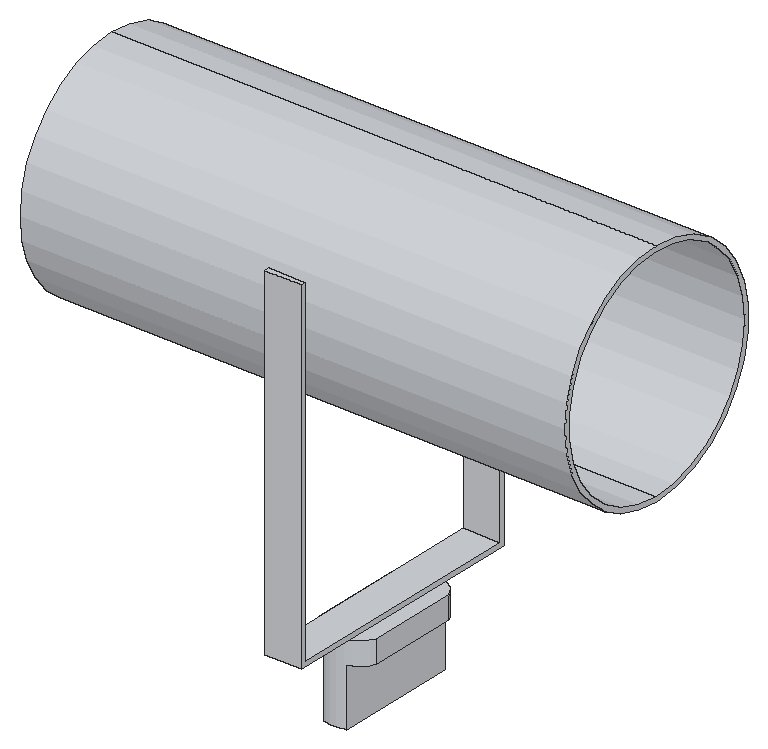
Revit family "EURS_63_LF_FB_ST321T", category Lighting Fixtures, host Face, Revit 2018
Family settings
  Host = Face
  Round Connector Dimension = Use Diameter
  Part Type = Normal
  Cut with Voids When Loaded = No
  Light Source = No
  Shared = No
  Room Calculation Point = No
Parameters (values of type "Type catalog")
  Width = 30 mm
  Voltage (V) = 230 V
  Visibility 2D symbol [instance] = no
  Visibility 2D outline round [instance] = not(Visibility 2D outline rectangle)  # no
  Visibility 2D outline rectangle [instance] = yes
  Suspension height = 100 mm
  Rotation XZ [instance] = 0.00°
  Rotation XY [instance] = 0.00°
  Product catalog - URL = "MODEL WEBPAGE"
  Order code = "ORDER CODE"
  Light source = 2 mm
  Length = 30 mm
  Last IES update = "DATE"
  Lamp type = ST321T IES Data : 1 xLED17S_827 HMB
  Height = 100 mm
  Fixture code = "FIXTURE CODE"
  ETIM code URL = "ETIM CODE WEBPAGE"
  ETIM code = "MODEL ETIM CODE"
  Wattage Comments = ""
  URL = "http://www.lighting.philips.com/main/home"
  Type Comments = "Pendant"
  Model = "MODEL NUMBER"
  Manufacturer = "Philips"
  Light loss factor = ""
  Lamp = "LAMP NAME"
  Initial luminous flux (lm) = ""
  Init. Corr. Color Temperature (K) = ""
  EOC = "EOC CODE"
  Description = "MODEL NAME"
  Default Elevation = 0 mm
  Content version = "1.0"
  Content modified date = "DATE"
  Content creation date = "DATE"
  Content Creator = "https://www.cadac.com/bimcontent"
  Constraint XZ [instance] = if(Rotation XZ < 0.00°, 0.00°, if(Rotation XZ > 120.00°, 120.00°, Rotation XZ))  # 0.00°
  Constraint XY [instance] = if(Rotation XY < 0.00°, 0.00°, if(Rotation XY > 350.00°, 350.00°, Rotation XY))  # 0.00°
  Ceiling thickness = 12.5 mm
  BIM Library - URL = "http://www.lighting.philips.com/main/support/support/revit-library#page=1"
  Assembly Code = ""
  Armatuurcode [instance] = ""
  Apparent Load = 0 VA
  12NC = "12NC CODE"
Reference planes
  plane 1 "Center (Front/Back)": y = 0
  plane 2: z = 0
  plane 3 "Center (Left/Right)": x = 0
  plane 4 "Cadac Group AEC": y = 0
  plane 5: z = 12.5
  plane 6 "left": x = -15
  plane 7 "right": x = 15
  plane 8 "back": y = 15
  plane 9 "front": y = -15
  plane 10: z = -12.5
  plane 11: z = -12.5
  plane 12: z = 202
  plane 13: z = 100
  plane 14: z = 200
Dimensions and locks
  equal spacing: plane 8 "back", plane 1 "Center (Front/Back)", plane 9 "front"
  equal spacing: plane 6 "left", plane 3 "Center (Left/Right)", plane 7 "right"
  "Width": plane 6 "left" to plane 7 "right"
  "Length": plane 9 "front" to plane 8 "back"
  "Ceiling thickness": plane 11 to host face
  "Light source": plane 14 to plane 12
  "Height": plane 13 to plane 14
  "Suspension height": host face to plane 13
  aligned and locked: plane 2 to host face
  aligned and locked: level to host face
  aligned and locked: plane 4 "Cadac Group AEC" to plane 1 "Center (Front/Back)"
  aligned and locked: host face to plane 10
  aligned and locked: nested 4 to plane 3 "Center (Left/Right)"
  aligned and locked: plane 1 "Center (Front/Back)" to nested 4
  aligned and locked: plane 3 "Center (Left/Right)" to nested 7
  aligned and locked: plane 1 "Center (Front/Back)" to nested 7
Automatic sketch dimensions
  host sketch curve to host sketch curve = 700 mm  (x2)
Nested families
  nested 1: "2D-PL-Rond" at (0, 0, 0), visible <- "Visibility 2D outline round", Diameters <- "Length", type "2D symbool"
    with Diameters 30 mm
  nested 2: "2D-PL-Rechthoekig" at (0, 0, 0), Width <- "Width", lengte <- "Length", visible <- "Visibility 2D outline rectangle", type "2D symbool"
    with lengte 30 mm, Width 30 mm
  nested 3: "63_PHILIPS_Template_Track mount" at (0, 0, 0), type "Type catalog"
    with Visibility 2D symbol yes, Visibility 2D outline no, Visibility 2D driver no, Armatuurcode ""
  nested 4: "combined" at (0, 0, 143), rotatie 1 <- "Constraint XY", rotatie 2 <- "Constraint XZ", type "combined"
    with rotatie 2 0.00°, rotatie 1 0.00°
  nested 5: "Generic model rotatie front" at (0, 0, 143), type "Generic model rotatie front"
    with rotatie 2 0.00°
  nested 6: "Generic model sweep" at (0, 0, 143) x (1, 0, 0) z (0, -1, 0), type "Generic model sweep"
  nested 7: "2D-PL-Rond + symbool + peil" at (0, 0, 0), Rotation XY <- "Constraint XY", type "2D symbool"
    with radius 50 mm, Rotation XY 0.00°, Diameters 100 mm
  nested 8: "2D-PL-peil" at (0, 0, 0) x (-1, 0, 0) z (0, 0, 1), type "2D symbool"
  nested 9: "ST321T IES Data" at (118.5, -0.002, 143.001) x (0, -1, 0) z (-1, 0, 0), type <- "Lamp type", type "1 xLED17S_827 HMB"
Connectors
  electrical at (0, 0, 0), driven by "Apparent Load", driven by "Voltage (V)"
    settings: index 1, voltage 230 V, apparent load 0 VA, apparent load phase1 0 VA, apparent load phase2 0 VA, apparent load phase3 0 VA, power factor 1, load classification "Lighting", number of poles 1, system type 31, power factor state 1, is connector primary yes, connector utility no, sub classification motor no, connector description ""
Definition of nested family "63_PHILIPS_Template_Track mount"
  Parameters (values of type "Type catalog")
    Width = 300 mm
    Voltage (V) = 0 V
    Visibility 2D symbol [instance] = not(Visibility 2D outline)  # yes
    Visibility 2D outline [instance] = no
    Visibility 2D driver [instance] = no
    Rotation XZ = 0.00°
    Rotation XY = 0.00°
    Product catalog - URL = "WEBPAGE MODEL"
    Order code = "ORDER CODE"
    Offset = 1 mm
    Length = 300 mm
    Last IES update = "DATE"
    Height = 100 mm
    Fixture code = "FIXTURE CODE"
    ETIM code URL = "WEBPAGE ETIM CODE"
    ETIM code = "MODEL ETIM CODE"
    EOC = "EOC CODE"
    Content version = "1.0"
    Content modified date = "DATE"
    Content creation date = "DATE"
    Connetor body height = 10 mm
    Connector width = 25 mm
    Wattage Comments = ""
    URL = "http://www.lighting.philips.nl/home"
    Type Comments = "Track Mount"
    Model = "MODEL NUMBER"
    Manufacturer = "Philips"
    Light loss factor = ""
    Lamp = ""
    Initial luminous flux (lm) = ""
    Init. Corr. Color Temperature (K) = ""
    Description = "MODEL NAME"
    Default Elevation = 0 mm
    Content Creator = "https://www.cadac.com/bimcontent"
    Connector height = 25 mm
    BIM Library - URL = "http://www.lighting.philips.com/main/support/support/revit-library#page=1"
    Assembly Code = ""
    Armatuurcode [instance] = ""
    Apparent Load = 0 VA
    12NC = "12NC CODE"
  Reference planes
    plane 1 "Center (Front/Back)": y = 0
    plane 2: z = 0
    plane 3 "Center (Left/Right)": x = 0
    plane 4 "Cadac Group AEC": y = 0
    plane 5: z = 11
    plane 6: z = -24
    plane 7: z = 1
    plane 8: x = -150
    plane 9: y = -150
    plane 10: y = 150
    plane 11: x = 150
    plane 12: z = 125.635
  Forms (mm)
    Extrusion 1, solid
      sketch origin (0, 0, 0) x (1, 0, 0) y (0, 1, 0)
        loop
          line (-350, 290) -> (-350, -329.519) -> (377.065, -329.519) -> (377.065, 290) -> (-350, 290)
      from 0 to -12.5
    Extrusion 2, solid
      sketch origin (0, 0, 11) x (0, -1, 0) y (1, 0, 0)
        loop
          arc (19.5, -12.5) -> (27.5, 0) -> (19.5, 12.5) r 13.766
          line (19.5, 12.5) -> (-19.5, 12.5)
          arc (-19.5, 12.5) -> (-27.5, 0) -> (-19.5, -12.5) r 13.766
          line (-19.5, -12.5) -> (19.5, -12.5)
      from 0 to -35
    Extrusion 3, void
      sketch origin (0, 0, 1) x (0, -1, 0) y (1, 0, 0)
        loop
          line (-40, -5) -> (-40, -15) -> (40, -15) -> (40, -5) -> (-40, -5)
        loop
          line (-40, 5) -> (40, 5) -> (40, 15) -> (-40, 15) -> (-40, 5)
      from 0 to -25
  Cuts and joins
    Extrusion 3 cuts Extrusion 2
  Dimensions and locks
    "Connector height": plane 6 to plane 7
    equal spacing: plane 8, plane 3 "Center (Left/Right)", plane 11
    "Length": plane 8 to plane 11
    equal spacing: plane 9, plane 1 "Center (Front/Back)", plane 10
    "Width": plane 9 to plane 10
    "Offset": plane 2 to plane 7
    "Connetor body height": plane 7 to plane 5
    aligned and locked: plane 2 to Extrusion 1
    aligned and locked: level to Extrusion 1
    aligned and locked: plane 4 "Cadac Group AEC" to plane 1 "Center (Front/Back)"
    aligned and locked: Extrusion 2 to plane 6
    aligned and locked: Extrusion 3 to plane 6
  Automatic sketch dimensions
    Extrusion 1 sketch curve to Extrusion 1 sketch curve = 727.065 mm
    Extrusion 1 sketch curve to Extrusion 1 sketch curve = 619.519 mm
    Extrusion 2 sketch curve to plane 3 "Center (Left/Right)" = 0 mm  (x2)
    plane 1 "Center (Front/Back)" to Extrusion 2 sketch curve = 19.5 mm  (x2)
    plane 1 "Center (Front/Back)" to Extrusion 2 sketch curve = 13.734 mm
    Extrusion 2 sketch curve to plane 1 "Center (Front/Back)" = 13.734 mm
    Extrusion 2 sketch curve to Extrusion 2 sketch curve = 5.766 mm
    Extrusion 2 sketch curve to plane 3 "Center (Left/Right)" = 12.5 mm
    plane 3 "Center (Left/Right)" to Extrusion 3 sketch curve = 5 mm
    plane 1 "Center (Front/Back)" to Extrusion 3 sketch curve = 40 mm
    Extrusion 3 sketch curve to Extrusion 3 sketch curve = 0 mm  (x2)
    Extrusion 3 sketch curve to plane 1 "Center (Front/Back)" = 40 mm
    Extrusion 3 sketch curve to plane 3 "Center (Left/Right)" = 5 mm
    Extrusion 3 sketch curve to Extrusion 3 sketch curve = 10 mm  (x2)
  Nested families
    nested 1: "63_PHILIPS_bulb_e" at (0, 0, 0), front rim outside radius <- "Connector width", type "Bulb"
      with front rim outside radius 25 mm
    nested 2: "63_PHILIPS_bulb_e" at (0, 0, 0), front rim outside radius <- "Connector width", type "Bulb"
      with front rim outside radius 25 mm
    nested 3: "2D-PL-Rond" at (0, 0, 0), Diameters <- "Length", visible <- "Visibility 2D outline", type "2D symbool"
      with Diameters 300 mm
    nested 4: "2D-PL-Driver" at (0, 0, 0), visible <- "Visibility 2D driver", type "2D symbool"
  Connectors
    electrical at (0, 0, 11), driven by "Apparent Load", driven by "Voltage (V)"
      settings: on cut or joined group of Extrusion 2, Extrusion 3, index 1, voltage 0 V, apparent load 0 VA, apparent load phase1 0 VA, apparent load phase2 0 VA, apparent load phase3 0 VA, power factor 1, load classification none, number of poles 1, system type 31, power factor state 1, is connector primary yes, connector utility no, sub classification motor no, connector description ""
  Definition of nested family "63_PHILIPS_bulb_e"
    Parameters
      front rim outside radius [instance] = 25 mm
      Description = "symbol  bulb"
      Copyright © Cadac = "www.cadac.com/aec"
      Cadac content versie = "3.2"  # constant formula
      Assembly Code = ""
    Reference planes
      plane 1 "Center (Front/Back)": y = 0
      plane 2: z = 0
      plane 3 "Center (Left/Right)": x = 0
      plane 4: y = 19.5
      plane 5: y = -19.5
    Lines and regions (mm)
      symbolic lines
        curve 1: line (-12.5, -19.5, 0) -> (-12.5, 19.5, 0)
        curve 2: line (12.5, 19.5, 0) -> (12.5, -19.5, 0)
        curve 3: arc (-12.5, -19.5, 0) -> (0, -27.5, 0) -> (12.5, -19.5, 0) r 13.766
        curve 4: arc (-12.5, 19.5, 0) -> (0, 27.5, 0) -> (12.5, 19.5, 0) r 13.766
    Dimensions and locks
      equal spacing: curve 1, plane 3 "Center (Left/Right)", curve 2
      "front rim outside radius": curve 1 to curve 2
      equal spacing: plane 5, plane 1 "Center (Front/Back)", plane 4
    Automatic sketch dimensions
      curve 4 to plane 3 "Center (Left/Right)" = 0 mm
      curve 3 to plane 3 "Center (Left/Right)" = 0 mm
      curve 1 to plane 5 = 0 mm
      plane 4 to curve 1 = 0 mm
      plane 5 to curve 3 = 5.766 mm
      plane 4 to curve 4 = 5.766 mm
  Definition of nested family "2D-PL-Rond"
    Parameters (values of type "2D symbool")
      Diameters [instance] = 250 mm
      Description = "Armatuur symbool"
      Copyright © Cadac = "www.cadac.com/aec"
      Cadac content versie = ""
      Assembly Code = ""
    Reference planes
      plane 1 "Center (Front/Back)": y = 0
      plane 2: z = 0
      plane 3 "Center (Left/Right)": x = 0
    Lines and regions (mm)
      symbolic lines
        curve 1: circle (0, 0, 0) r 125 normal (0, 0, 1)
    Dimensions and locks
      "Diameters": diameter of curve 1
    Automatic sketch dimensions
      plane 1 "Center (Front/Back)" to curve 1 = 0 mm
      curve 1 to plane 3 "Center (Left/Right)" = 0 mm
  Definition of nested family "2D-PL-Driver"
    Parameters (values of type "2D symbool")
      Description = "Armatuur symbool"
      Copyright © Cadac = "www.cadac.com/aec"
      Cadac content versie = ""
      Assembly Code = ""
    Reference planes
      plane 1 "Center (Front/Back)": y = 0
      plane 2: z = 0
      plane 3 "Center (Left/Right)": x = 0
    Lines and regions (mm)
      model lines
        curve 1: line (-12.5, -19.5, 0) -> (-12.5, 19.5, 0)
        curve 2: line (12.5, 19.5, 0) -> (12.5, -19.5, 0)
        curve 3: arc (-12.5, 19.5, 0) -> (0, 27.5, 0) -> (12.5, 19.5, 0) r 13.766
        curve 4: arc (-12.5, -19.5, 0) -> (0, -27.5, 0) -> (12.5, -19.5, 0) r 13.766
Definition of nested family "combined"
  Parameters (values of type "combined")
    rotatie 2 [instance] = 0.00°
    rotatie 1 [instance] = 0.00°
  Reference planes
    plane 1 "Center (Front/Back)": y = 0
    plane 2: z = 0
    plane 3 "Center (Left/Right)": x = 0
  Lines and regions (mm)
    reference lines
      curve 1: line (-1000, 0, 0) -> (1000, 0, 0)
      curve 2: line (0, 500, 0) -> (0, -500, 0)
  Dimensions and locks
    equal spacing: curve 1, plane 3 "Center (Left/Right)", curve 1
    equal spacing: curve 1, plane 1 "Center (Front/Back)", curve 1
    equal spacing: curve 1, curve 2, curve 1
    "rotatie 1": angle plane 1 "Center (Front/Back)" to curve 1
    aligned and locked: level to plane 2
    aligned and locked: curve 1 to nested 1
    aligned and locked: curve 2 to nested 1
  Automatic sketch dimensions
    curve 1 to curve 2 = 500 mm
    curve 2 to curve 1 = 500 mm
  Nested families
    nested 1: "Generic model u-profile" at (0, 0, 0) x (0, -1, 0) z (0, 0, 1), type "Generic model u-profil"
    nested 2: "Generic model rotatie front" at (0, 0, 0), rotatie 2 <- "rotatie 2", type "Generic model rotatie front"
      with rotatie 2 0.00°
    nested 3: "Generic model sweep" at (0, 0, 0) x (1, 0, 0) z (0, -1, 0), type "Generic model sweep"
  Definition of nested family "Generic model u-profile"
    Parameters (values of type "Generic model u-profil")
      Default Elevation = 1219.2 mm
    Reference planes
      plane 1 "Center (Front/Back)": y = 0
      plane 2: z = 0
      plane 3 "Center (Left/Right)": x = 0
      plane 4: z = 20
      plane 5: z = -130
      plane 6: x = 55
      plane 7: x = -55
    Forms (mm)
      Sweep 1, solid
        path origin (0, 0, 0) x (1, 0, 0) y (0, 0, 1)
          loop
            line (-55, 20) -> (-55, -130) -> (55, -130) -> (55, 20)
        profile origin (-55, 0, -55) x (0, -1, 0) y (1, 0, 0)
          loop
            line (-7.979, 0) -> (7.979, 0) -> (7.979, 2) -> (-7.979, 2) -> (-7.979, 0)
    Dimensions and locks
      Sweep 1 sketch curve to profile plane to Sweep 1 sketch curve = 7.979 mm, 7.979 mm
      plane 4 to plane 2 = 20 mm
      plane 2 to plane 5 = 130 mm
      equal spacing: plane 6, plane 3 "Center (Left/Right)", plane 7
      plane 6 to plane 3 "Center (Left/Right)" = 55 mm
      plane 2 to Sweep 1 = 130 mm
      aligned and locked: level to plane 2
      aligned and locked: Sweep 1 sketch curve to plane 5
      aligned and locked: plane 4 to Sweep 1 sketch curve  (x2)
      aligned and locked: Sweep 1 sketch curve to plane 7
      aligned and locked: plane 6 to Sweep 1 sketch curve
  Definition of nested family "Generic model sweep"
    Parameters (values of type "Generic model sweep")
      Default Elevation = 1219.2 mm
    Reference planes
      plane 1 "Center (Front/Back)": y = 0
      plane 2: z = 0
      plane 3 "Center (Left/Right)": x = 0
    Forms (mm)
      Sweep 1, solid
        path origin (0, 0, 0) x (1, 0, 0) y (0, 1, 0)
          loop
            line (-118.5, 0) -> (118.5, 0)
        profile "Profiel 1 : Profiel 1" origin (0, 0, 0) x (0, 1, 0) y (0, 0, 1)
          loop
            circle (0, 0) r 48
          loop
            circle (0, 0) r 50
    Dimensions and locks
      Sweep 1 sketch curve to Sweep 1 sketch curve = 237 mm
      equal spacing: Sweep 1 sketch curve, plane 3 "Center (Left/Right)", Sweep 1 sketch curve
      aligned and locked: level to plane 2
Definition of nested family "Generic model sweep"
  Parameters (values of type "Generic model sweep")
    Default Elevation = 1219.2 mm
  Reference planes
    plane 1 "Center (Front/Back)": y = 0
    plane 2: z = 0
    plane 3 "Center (Left/Right)": x = 0
  Forms (mm)
    Sweep 1, solid
      path origin (0, 0, 0) x (1, 0, 0) y (0, 1, 0)
        loop
          line (-118.5, 0) -> (118.5, 0)
      profile "Profiel 1 : Profiel 1" origin (0, 0, 0) x (0, 1, 0) y (0, 0, 1)
        loop
          circle (0, 0) r 48
        loop
          circle (0, 0) r 50
  Dimensions and locks
    Sweep 1 sketch curve to Sweep 1 sketch curve = 237 mm
    equal spacing: Sweep 1 sketch curve, plane 3 "Center (Left/Right)", Sweep 1 sketch curve
    aligned and locked: level to plane 2
Definition of nested family "2D-PL-Rond"
  Parameters (values of type "2D symbool")
    Diameters [instance] = 250 mm
    Description = "Armatuur symbool"
    Copyright © Cadac = "www.cadac.com/aec"
    Cadac content versie = ""
    Assembly Code = ""
  Reference planes
    plane 1 "Center (Front/Back)": y = 0
    plane 2: z = 0
    plane 3 "Center (Left/Right)": x = 0
  Lines and regions (mm)
    symbolic lines
      curve 1: circle (0, 0, 0) r 125 normal (0, 0, 1)
  Dimensions and locks
    "Diameters": diameter of curve 1
  Automatic sketch dimensions
    plane 1 "Center (Front/Back)" to curve 1 = 0 mm
    curve 1 to plane 3 "Center (Left/Right)" = 0 mm
Definition of nested family "2D-PL-Rechthoekig"
  Parameters (values of type "2D symbool")
    lengte [instance] = 1200 mm
    Width [instance] = 100 mm
    Type Comments = "GEEN CALCULATIEOBJECT"
    Manufacturer = ""
    Description = "Armatuur 2D symbool"
    Copyright © Cadac = "www.cadac.com/aec"
    Cadac content versie = ""
    Assembly Code = ""
  Reference planes
    plane 1 "Center (Front/Back)": y = 0
    plane 2: z = 0
    plane 3 "Center (Left/Right)": x = 0
    plane 4: y = 150
    plane 5: y = -150
    plane 6: y = 176.777
    plane 7: x = -176.777
    plane 8: x = 176.777
    plane 9: y = -176.777
    plane 10 "Cadac Group AEC": y = 0
    plane 11: y = 400
    plane 12: y = -191.421
    plane 13: y = -206.066
    plane 14: y = -220.711
    plane 15: y = -235.355
  Lines and regions (mm)
    symbolic lines
      curve 1: line (600, 50, 0) -> (600, -50, 0)
      curve 2: line (-600, 50, 0) -> (-600, -50, 0)
      curve 3: line (-600, 50, 0) -> (600, 50, 0)
      curve 4: line (-600, -50, 0) -> (600, -50, 0)
  Dimensions and locks
    equal spacing: curve 2, plane 3 "Center (Left/Right)", curve 1
    "lengte": curve 2 to curve 1
    equal spacing: plane 5, plane 1 "Center (Front/Back)", plane 4
    locked: plane 4 to plane 5 at 300
    equal spacing: curve 4, plane 1 "Center (Front/Back)", curve 3
    "Width": curve 4 to curve 3
    locked: plane 7 to plane 8 at 353.553
    locked: plane 6 to plane 9 at 353.553
    equal spacing: plane 7, plane 3 "Center (Left/Right)", plane 8
    equal spacing: plane 6, plane 1 "Center (Front/Back)", plane 9
    locked: plane 1 "Center (Front/Back)" to plane 11 at 400
    equal spacing: plane 9, plane 12, plane 13, plane 14, plane 15
    locked: plane 9 to plane 15 at 58.579
    aligned and locked: plane 10 "Cadac Group AEC" to plane 1 "Center (Front/Back)"
Definition of nested family "Generic model rotatie front"
  Parameters (values of type "Generic model rotatie front")
    rotatie 2 [instance] = 45.00°
    Default Elevation = 1219.2 mm
  Reference planes
    plane 1 "Center (Front/Back)": y = 0
    plane 2: z = 0
    plane 3 "Center (Left/Right)": x = 0
  Lines and regions (mm)
    reference lines
      curve 1: line (-707.107, 0, -707.107) -> (707.107, 0, 707.107)
      curve 2: line (-353.553, 0, 353.553) -> (353.553, 0, -353.553)
  Dimensions and locks
    equal spacing: curve 1, plane 3 "Center (Left/Right)", curve 1
    equal spacing: curve 1, plane 2, curve 1
    equal spacing: curve 2, plane 3 "Center (Left/Right)", curve 2
    equal spacing: curve 2, plane 2, curve 2
    "rotatie 2": angle plane 2 to curve 1
    "rotatie 2": angle plane 3 "Center (Left/Right)" to curve 2
    aligned and locked: level to plane 2
  Nested families
    nested 1: "Generic model sweep" at (0, 0, 0) x (0.7071, 0, 0.7071) z (0, -1, 0), type "Generic model sweep"
  Definition of nested family "Generic model sweep"
    Parameters (values of type "Generic model sweep")
      Default Elevation = 1219.2 mm
    Reference planes
      plane 1 "Center (Front/Back)": y = 0
      plane 2: z = 0
      plane 3 "Center (Left/Right)": x = 0
    Forms (mm)
      Sweep 1, solid
        path origin (0, 0, 0) x (1, 0, 0) y (0, 1, 0)
          loop
            line (-118.5, 0) -> (118.5, 0)
        profile "Profiel 1 : Profiel 1" origin (0, 0, 0) x (0, 1, 0) y (0, 0, 1)
          loop
            circle (0, 0) r 48
          loop
            circle (0, 0) r 50
    Dimensions and locks
      Sweep 1 sketch curve to Sweep 1 sketch curve = 237 mm
      equal spacing: Sweep 1 sketch curve, plane 3 "Center (Left/Right)", Sweep 1 sketch curve
      aligned and locked: level to plane 2
Definition of nested family "2D-PL-Rond + symbool + peil"
  Parameters (values of type "2D symbool")
    radius [instance] = Diameters / 2  # 125 mm
    Visibility 2D symbol = yes
    Rotation XY [instance] = 70.00°
    Diameters [instance] = 250 mm
    Description = "Armatuur symbool"
    Copyright © Cadac = "www.cadac.com/aec"
    Cadac content versie = ""
    Assembly Code = ""
  Reference planes
    plane 1 "Center (Front/Back)": y = 0
    plane 2: z = 0
    plane 3 "Center (Left/Right)": x = 0
  Lines and regions (mm)
    symbolic lines
      curve 1: circle (0, 0, 0) r 125 normal (0, 0, 1)
    reference lines
      curve 2: line (0, 0, 0) -> (114.577, 314.797, 0)
  Dimensions and locks
    locked: plane 3 "Center (Left/Right)" to nested 2 at 0
    "Diameters": diameter of curve 1
    "Rotation XY": angle plane 1 "Center (Front/Back)" to curve 2
    aligned and locked: plane 3 "Center (Left/Right)" to curve 2
    aligned and locked: plane 1 "Center (Front/Back)" to curve 2
    aligned and locked: nested 2 to curve 2
  Automatic sketch dimensions
    plane 1 "Center (Front/Back)" to curve 1 = 0 mm
    curve 1 to plane 3 "Center (Left/Right)" = 0 mm
  Nested families
    nested 1: "PL-opbouwarmatuur plafond rond" at (0, 0, 0), radius cirkel <- "radius", visible <- "Visibility 2D symbol", type "PL lichtpunt"
      with radius cirkel 125 mm, lengte symbool 162.5 mm, l1 140 mm, breedte symbool 150 mm, b1 52.5 mm, Diameters 250 mm
    nested 2: "2D-PL-peil" at (0, 0, 0) x (-0.342, -0.9397, 0) z (0, 0, 1), visible <- "Visibility 2D symbol", type "2D symbool"
  Definition of nested family "PL-opbouwarmatuur plafond rond"
    Parameters (values of type "PL lichtpunt")
      radius cirkel [instance] = 200 mm
      lengte symbool [instance] = 162.5 mm
      l1 [instance] = 140 mm
      breedte symbool [instance] = radius cirkel + 25 mm  # 225 mm
      b1 [instance] = 52.5 mm
      Diameters = 74 mm
      Description = "PL lichtpunt"
      Copyright © Cadac = "www.cadac.com/aec"
      Cadac content versie = "4.0"  # constant formula
      Assembly Code = ""
    Reference planes
      plane 1 "Center (Front/Back)": y = 0
      plane 2: z = 0
      plane 3 "Center (Left/Right)": x = 0
      plane 4: y = 112.5
      plane 5: y = -112.5
    Lines and regions (mm)
      symbolic lines
        curve 1: circle (0, 0, 0) r 200 normal (0, 0, 1)
        curve 2: line (-165.359, 112.5, 0) -> (165.359, -112.5, 0)
        curve 3: line (-165.359, -112.5, 0) -> (165.359, 112.5, 0)
    Dimensions and locks
      equal spacing: plane 4, plane 1 "Center (Front/Back)", plane 5
      "breedte symbool": plane 4 to plane 5
      "radius cirkel": radius of curve 1
      aligned and locked: plane 4 to curve 2
      aligned and locked: plane 4 to curve 3
      aligned and locked: plane 5 to curve 3
      aligned and locked: plane 5 to curve 2
    Automatic sketch dimensions
      plane 1 "Center (Front/Back)" to curve 1 = 0 mm
      curve 1 to plane 3 "Center (Left/Right)" = 0 mm
  Definition of nested family "2D-PL-peil"
    Parameters (values of type "2D symbool")
      lengte = 200 mm
      Type Comments = "GEEN CALCULATIEOBJECT"
      Peil lengte = 100 mm
      Manufacturer = ""
      Description = "Armatuur 2D symbool"
      Default Elevation = 1219.2 mm
      Copyright © Cadac = "www.cadac.com/aec"
      Cadac content versie = ""
      Assembly Code = ""
    Reference planes
      plane 1 "Center (Front/Back)": y = 0
      plane 2: z = 0
      plane 3 "Center (Left/Right)": x = 0
      plane 4: y = 150
      plane 5: y = -150
      plane 6: y = 176.777
      plane 7: x = -176.777
      plane 8: x = 176.777
      plane 9: y = -176.777
      plane 10: y = 400
      plane 11: y = -191.421
      plane 12: y = -206.066
      plane 13: y = -220.711
      plane 14: y = -235.355
    Lines and regions (mm)
      symbolic lines
        curve 1: line (-200, 0, 0) -> (0, 0, 0)
        curve 2: line (-200, 0, 0) -> (-121.849, 62.389, 0)
        curve 3: line (-200, 0, 0) -> (-121.849, -62.389, 0)
      reference lines
        curve 4: line (100, -50, 0) -> (-245, -50, 0)
    Dimensions and locks
      equal spacing: plane 5, plane 1 "Center (Front/Back)", plane 4
      locked: plane 4 to plane 5 at 300
      locked: plane 7 to plane 8 at 353.553
      locked: plane 6 to plane 9 at 353.553
      equal spacing: plane 7, plane 3 "Center (Left/Right)", plane 8
      equal spacing: plane 6, plane 1 "Center (Front/Back)", plane 9
      locked: plane 1 "Center (Front/Back)" to plane 10 at 400
      equal spacing: plane 9, plane 11, plane 12, plane 13, plane 14
      locked: plane 9 to plane 14 at 58.579
      "lengte": curve 1 to curve 1
      "Peil lengte": curve 2 to curve 2
      "Peil lengte": curve 3 to curve 3
    Automatic sketch dimensions
      curve 4 to plane 7 = 68.223 mm
      plane 1 "Center (Front/Back)" to curve 4 = 50 mm
      curve 4 to plane 8 = 76.777 mm
      plane 1 "Center (Front/Back)" to curve 3 = 0 mm
      curve 1 to plane 3 "Center (Left/Right)" = 0 mm
      plane 7 to curve 2 = 54.928 mm
      plane 7 to curve 3 = 54.928 mm
Definition of nested family "2D-PL-peil"
  Parameters (values of type "2D symbool")
    lengte = 200 mm
    Type Comments = "GEEN CALCULATIEOBJECT"
    Peil lengte = 100 mm
    Manufacturer = ""
    Description = "Armatuur 2D symbool"
    Default Elevation = 1219.2 mm
    Copyright © Cadac = "www.cadac.com/aec"
    Cadac content versie = ""
    Assembly Code = ""
  Reference planes
    plane 1 "Center (Front/Back)": y = 0
    plane 2: z = 0
    plane 3 "Center (Left/Right)": x = 0
    plane 4: y = 150
    plane 5: y = -150
    plane 6: y = 176.777
    plane 7: x = -176.777
    plane 8: x = 176.777
    plane 9: y = -176.777
    plane 10: y = 400
    plane 11: y = -191.421
    plane 12: y = -206.066
    plane 13: y = -220.711
    plane 14: y = -235.355
  Lines and regions (mm)
    symbolic lines
      curve 1: line (-200, 0, 0) -> (0, 0, 0)
      curve 2: line (-200, 0, 0) -> (-121.849, 62.389, 0)
      curve 3: line (-200, 0, 0) -> (-121.849, -62.389, 0)
    reference lines
      curve 4: line (100, -50, 0) -> (-245, -50, 0)
  Dimensions and locks
    equal spacing: plane 5, plane 1 "Center (Front/Back)", plane 4
    locked: plane 4 to plane 5 at 300
    locked: plane 7 to plane 8 at 353.553
    locked: plane 6 to plane 9 at 353.553
    equal spacing: plane 7, plane 3 "Center (Left/Right)", plane 8
    equal spacing: plane 6, plane 1 "Center (Front/Back)", plane 9
    locked: plane 1 "Center (Front/Back)" to plane 10 at 400
    equal spacing: plane 9, plane 11, plane 12, plane 13, plane 14
    locked: plane 9 to plane 14 at 58.579
    "lengte": curve 1 to curve 1
    "Peil lengte": curve 2 to curve 2
    "Peil lengte": curve 3 to curve 3
  Automatic sketch dimensions
    curve 4 to plane 7 = 68.223 mm
    plane 1 "Center (Front/Back)" to curve 4 = 50 mm
    curve 4 to plane 8 = 76.777 mm
    plane 1 "Center (Front/Back)" to curve 3 = 0 mm
    curve 1 to plane 3 "Center (Left/Right)" = 0 mm
    plane 7 to curve 2 = 54.928 mm
    plane 7 to curve 3 = 54.928 mm
Definition of nested family "ST321T IES Data"
  Parameters (values of type "1 xLED49S_840 OVL-V")
    Wattage = 39 W
    built-in parameter 1150110 = 1 (stored number, unit not read)
    built-in parameter 1114217 = 1 (stored number, unit not read)
    Tilt Angle = 90.00°
    built-in parameter 1150109 = 1 (stored number, unit not read)
    built-in parameter 1150134 = 12
    built-in parameter 1150113 = 1 (stored number, unit not read)
    Photometric Web File = "ST321T 1 xLED49S_840 OVL-V.ies"
    Model = "ST321T"
    Manufacturer = "Philips"
    built-in parameter 1150105 = 358.1 (stored number, unit not read)
    Lumens = 4500 lm
    built-in parameter 1150115 = 1 (stored number, unit not read)
    built-in parameter 1150137 = (empty or 0)
    built-in parameter 1150139 = (empty or 0)
    built-in parameter 1150112 = 1 (stored number, unit not read)
    built-in parameter 1150114 = 1 (stored number, unit not read)
    Lamp = "LED49S/840/-"
    built-in parameter 1150132 = (empty or 0)
    built-in parameter 1150102 = (empty or 0)
    built-in parameter 1150107 = 4000 (stored number, unit not read)
    built-in parameter 1150138 = (empty or 0)
    built-in parameter 1150106 = 3.581 (stored number, unit not read)
    Emit from Circle Diameter = 67 mm
    Emit Shape Visible in Rendering = yes
    built-in parameter 1150104 = 10.72 (stored number, unit not read)
    Dimming Lamp Color Temperature Shift = (empty or 0)
    Description = ""
    Default Elevation = 0 mm
    Content Creator = "https://www.cadac.com/bimcontent"
    Color Filter = 16777215
    built-in parameter 1114218 = 1 (stored number, unit not read)
    built-in parameter 1150133 = 10 (stored number, unit not read)
    Apparent Load = 39 VA
  Types (216, lengths in mm): name | Wattage | built-in parameter 1150134 | Photometric Web File | built-in parameter 1150105 | Lumens | Lamp | built-in parameter 1150107 | built-in parameter 1150106 | built-in parameter 1150104 | Apparent Load
    1 xLED49S_840 OVL-V | 39 W | 12 | "ST321T 1 xLED49S_840 OVL-V.ies" | 358.1 (stored number, unit not read) | 4500 lm | "LED49S/840/-" | 4000 (stored number, unit not read) | 3.581 (stored number, unit not read) | 10.72 (stored number, unit not read) | 39 VA
    1 xLED49S_840 OVL-H | 39 W | 12 | "ST321T 1 xLED49S_840 OVL-H.ies" | 358.1 (stored number, unit not read) | 4500 lm | "LED49S/840/-" | 4000 (stored number, unit not read) | 3.581 (stored number, unit not read) | 10.72 (stored number, unit not read) | 39 VA
    1 xLED49S_840 MB | 39 W | 12 | "ST321T 1 xLED49S_840 MB.ies" | 389.93 (stored number, unit not read) | 4900 lm | "LED49S/840/-" | 4000 (stored number, unit not read) | 3.8993 (stored number, unit not read) | 11.672 (stored number, unit not read) | 39 VA
    1 xLED49S_840 HWB | 39 W | 12 | "ST321T 1 xLED49S_840 HWB.ies" | 397.89 (stored number, unit not read) | 5000 lm | "LED49S/840/-" | 4000 (stored number, unit not read) | 3.9789 (stored number, unit not read) | 11.911 (stored number, unit not read) | 39 VA
    1 xLED49S_840 HVWB | 39 W | 12 | "ST321T 1 xLED49S_840 HVWB.ies" | 397.89 (stored number, unit not read) | 5000 lm | "LED49S/840/-" | 4000 (stored number, unit not read) | 3.9789 (stored number, unit not read) | 11.911 (stored number, unit not read) | 39 VA
    1 xLED49S_840 HOVL-V | 39 W | 12 | "ST321T 1 xLED49S_840 HOVL-V.ies" | 374.01 (stored number, unit not read) | 4700 lm | "LED49S/840/-" | 4000 (stored number, unit not read) | 3.7401 (stored number, unit not read) | 11.196 (stored number, unit not read) | 39 VA
    1 xLED49S_840 HOVL-H | 39 W | 12 | "ST321T 1 xLED49S_840 HOVL-H.ies" | 374.01 (stored number, unit not read) | 4700 lm | "LED49S/840/-" | 4000 (stored number, unit not read) | 3.7401 (stored number, unit not read) | 11.196 (stored number, unit not read) | 39 VA
    1 xLED49S_840 HMB | 39 W | 12 | "ST321T 1 xLED49S_840 HMB.ies" | 397.89 (stored number, unit not read) | 5000 lm | "LED49S/840/-" | 4000 (stored number, unit not read) | 3.9789 (stored number, unit not read) | 11.911 (stored number, unit not read) | 39 VA
    1 xLED49S_830 OVL-V | 39 W | (empty or 0) | "ST321T 1 xLED49S_830 OVL-V.ies" | 342.18 (stored number, unit not read) | 4300 lm | "LED49S/830/-" | 3000 (stored number, unit not read) | 3.4218 (stored number, unit not read) | 10.243 (stored number, unit not read) | 39 VA
    1 xLED49S_830 OVL-H | 39 W | (empty or 0) | "ST321T 1 xLED49S_830 OVL-H.ies" | 342.18 (stored number, unit not read) | 4300 lm | "LED49S/830/-" | 3000 (stored number, unit not read) | 3.4218 (stored number, unit not read) | 10.243 (stored number, unit not read) | 39 VA
    1 xLED49S_830 MB | 39 W | (empty or 0) | "ST321T 1 xLED49S_830 MB.ies" | 366.06 (stored number, unit not read) | 4600 lm | "LED49S/830/-" | 3000 (stored number, unit not read) | 3.6606 (stored number, unit not read) | 10.958 (stored number, unit not read) | 39 VA
    1 xLED49S_830 HWB | 39 W | (empty or 0) | "ST321T 1 xLED49S_830 HWB.ies" | 381.97 (stored number, unit not read) | 4800 lm | "LED49S/830/-" | 3000 (stored number, unit not read) | 3.8197 (stored number, unit not read) | 11.434 (stored number, unit not read) | 39 VA
    1 xLED49S_830 HVWB | 39 W | (empty or 0) | "ST321T 1 xLED49S_830 HVWB.ies" | 381.97 (stored number, unit not read) | 4800 lm | "LED49S/830/-" | 3000 (stored number, unit not read) | 3.8197 (stored number, unit not read) | 11.434 (stored number, unit not read) | 39 VA
    1 xLED49S_830 HOVL-V | 39 W | (empty or 0) | "ST321T 1 xLED49S_830 HOVL-V.ies" | 350.14 (stored number, unit not read) | 4400 lm | "LED49S/830/-" | 3000 (stored number, unit not read) | 3.5014 (stored number, unit not read) | 10.481 (stored number, unit not read) | 39 VA
    1 xLED49S_830 HOVL-H | 39 W | (empty or 0) | "ST321T 1 xLED49S_830 HOVL-H.ies" | 350.14 (stored number, unit not read) | 4400 lm | "LED49S/830/-" | 3000 (stored number, unit not read) | 3.5014 (stored number, unit not read) | 10.481 (stored number, unit not read) | 39 VA
    1 xLED49S_830 HMB | 39 W | (empty or 0) | "ST321T 1 xLED49S_830 HMB.ies" | 381.97 (stored number, unit not read) | 4800 lm | "LED49S/830/-" | 3000 (stored number, unit not read) | 3.8197 (stored number, unit not read) | 11.434 (stored number, unit not read) | 39 VA
    1 xLED49S_827 OVL-V | 38.5 W | (empty or 0) | "ST321T 1 xLED49S_827 OVL-V.ies" | 326.27 (stored number, unit not read) | 4100 lm | "LED49S/827/-" | 2700 (stored number, unit not read) | 3.2627 (stored number, unit not read) | 9.8936 (stored number, unit not read) | 38.5 VA
    1 xLED49S_827 OVL-H | 38.5 W | (empty or 0) | "ST321T 1 xLED49S_827 OVL-H.ies" | 326.27 (stored number, unit not read) | 4100 lm | "LED49S/827/-" | 2700 (stored number, unit not read) | 3.2627 (stored number, unit not read) | 9.8936 (stored number, unit not read) | 38.5 VA
    1 xLED49S_827 MB | 38.5 W | (empty or 0) | "ST321T 1 xLED49S_827 MB.ies" | 350.14 (stored number, unit not read) | 4400 lm | "LED49S/827/-" | 2700 (stored number, unit not read) | 3.5014 (stored number, unit not read) | 10.617 (stored number, unit not read) | 38.5 VA
    1 xLED49S_827 HWB | 38.5 W | (empty or 0) | "ST321T 1 xLED49S_827 HWB.ies" | 366.06 (stored number, unit not read) | 4600 lm | "LED49S/827/-" | 2700 (stored number, unit not read) | 3.6606 (stored number, unit not read) | 11.1 (stored number, unit not read) | 38.5 VA
    1 xLED49S_827 HVWB | 38.5 W | (empty or 0) | "ST321T 1 xLED49S_827 HVWB.ies" | 366.06 (stored number, unit not read) | 4600 lm | "LED49S/827/-" | 2700 (stored number, unit not read) | 3.6606 (stored number, unit not read) | 11.1 (stored number, unit not read) | 38.5 VA
    1 xLED49S_827 HOVL-V | 38.5 W | (empty or 0) | "ST321T 1 xLED49S_827 HOVL-V.ies" | 334.23 (stored number, unit not read) | 4200 lm | "LED49S/827/-" | 2700 (stored number, unit not read) | 3.3423 (stored number, unit not read) | 10.135 (stored number, unit not read) | 38.5 VA
    1 xLED49S_827 HOVL-H | 38.5 W | (empty or 0) | "ST321T 1 xLED49S_827 HOVL-H.ies" | 334.23 (stored number, unit not read) | 4200 lm | "LED49S/827/-" | 2700 (stored number, unit not read) | 3.3423 (stored number, unit not read) | 10.135 (stored number, unit not read) | 38.5 VA
    1 xLED49S_827 HMB | 38.5 W | (empty or 0) | "ST321T 1 xLED49S_827 HMB.ies" | 366.06 (stored number, unit not read) | 4600 lm | "LED49S/827/-" | 2700 (stored number, unit not read) | 3.6606 (stored number, unit not read) | 11.1 (stored number, unit not read) | 38.5 VA
    1 xLED39S_PW930 VWB | 35 W | (empty or 0) | "ST321T 1 xLED39S_PW930 VWB.ies" | 310.35 (stored number, unit not read) | 3900 lm | "LED39S/PW930/-" | 3000 (stored number, unit not read) | 3.1035 (stored number, unit not read) | 10.352 (stored number, unit not read) | 35 VA
    1 xLED39S_PW930 OVL-V | 35 W | (empty or 0) | "ST321T 1 xLED39S_PW930 OVL-V.ies" | 294.44 (stored number, unit not read) | 3700 lm | "LED39S/PW930/-" | 3000 (stored number, unit not read) | 2.9444 (stored number, unit not read) | 9.8212 (stored number, unit not read) | 35 VA
    1 xLED39S_PW930 OVL-H | 35 W | (empty or 0) | "ST321T 1 xLED39S_PW930 OVL-H.ies" | 294.44 (stored number, unit not read) | 3700 lm | "LED39S/PW930/-" | 3000 (stored number, unit not read) | 2.9444 (stored number, unit not read) | 9.8212 (stored number, unit not read) | 35 VA
    1 xLED39S_PW930 HWB | 32.5 W | (empty or 0) | "ST321T 1 xLED39S_PW930 HWB.ies" | 318.31 (stored number, unit not read) | 4000 lm | "LED39S/PW930/-" | 3000 (stored number, unit not read) | 3.1831 (stored number, unit not read) | 11.434 (stored number, unit not read) | 32.5 VA
    1 xLED39S_PW930 HVWB | 32.5 W | (empty or 0) | "ST321T 1 xLED39S_PW930 HVWB.ies" | 318.31 (stored number, unit not read) | 4000 lm | "LED39S/PW930/-" | 3000 (stored number, unit not read) | 3.1831 (stored number, unit not read) | 11.434 (stored number, unit not read) | 32.5 VA
    1 xLED39S_PW930 HOVL-V | 35 W | (empty or 0) | "ST321T 1 xLED39S_PW930 HOVL-V.ies" | 294.44 (stored number, unit not read) | 3700 lm | "LED39S/PW930/-" | 3000 (stored number, unit not read) | 2.9444 (stored number, unit not read) | 9.8212 (stored number, unit not read) | 35 VA
    1 xLED39S_PW930 HOVL-H | 35 W | (empty or 0) | "ST321T 1 xLED39S_PW930 HOVL-H.ies" | 294.44 (stored number, unit not read) | 3700 lm | "LED39S/PW930/-" | 3000 (stored number, unit not read) | 2.9444 (stored number, unit not read) | 9.8212 (stored number, unit not read) | 35 VA
    1 xLED39S_PW930 HMB | 32.5 W | (empty or 0) | "ST321T 1 xLED39S_PW930 HMB.ies" | 318.31 (stored number, unit not read) | 4000 lm | "LED39S/PW930/-" | 3000 (stored number, unit not read) | 3.1831 (stored number, unit not read) | 11.434 (stored number, unit not read) | 32.5 VA
    1 xLED39S_PC930 OVL-V | 34.5 W | (empty or 0) | "ST321T 1 xLED39S_PC930 OVL-V.ies" | 270.56 (stored number, unit not read) | 3400 lm | "LED39S/PC930/-" | 3000 (stored number, unit not read) | 2.7056 (stored number, unit not read) | 9.1557 (stored number, unit not read) | 34.5 VA
    1 xLED39S_PC930 OVL-H | 34.5 W | (empty or 0) | "ST321T 1 xLED39S_PC930 OVL-H.ies" | 270.56 (stored number, unit not read) | 3400 lm | "LED39S/PC930/-" | 3000 (stored number, unit not read) | 2.7056 (stored number, unit not read) | 9.1557 (stored number, unit not read) | 34.5 VA
    1 xLED39S_PC930 MB | 34.5 W | (empty or 0) | "ST321T 1 xLED39S_PC930 MB.ies" | 294.44 (stored number, unit not read) | 3700 lm | "LED39S/PC930/-" | 3000 (stored number, unit not read) | 2.9444 (stored number, unit not read) | 9.9635 (stored number, unit not read) | 34.5 VA
    1 xLED39S_PC930 HWB | 34.5 W | (empty or 0) | "ST321T 1 xLED39S_PC930 HWB.ies" | 302.39 (stored number, unit not read) | 3800 lm | "LED39S/PC930/-" | 3000 (stored number, unit not read) | 3.0239 (stored number, unit not read) | 10.233 (stored number, unit not read) | 34.5 VA
    1 xLED39S_PC930 HVWB | 34.5 W | (empty or 0) | "ST321T 1 xLED39S_PC930 HVWB.ies" | 302.39 (stored number, unit not read) | 3800 lm | "LED39S/PC930/-" | 3000 (stored number, unit not read) | 3.0239 (stored number, unit not read) | 10.233 (stored number, unit not read) | 34.5 VA
    1 xLED39S_PC930 HOVL-V | 34.5 W | (empty or 0) | "ST321T 1 xLED39S_PC930 HOVL-V.ies" | 278.52 (stored number, unit not read) | 3500 lm | "LED39S/PC930/-" | 3000 (stored number, unit not read) | 2.7852 (stored number, unit not read) | 9.4249 (stored number, unit not read) | 34.5 VA
    1 xLED39S_PC930 HOVL-H | 34.5 W | (empty or 0) | "ST321T 1 xLED39S_PC930 HOVL-H.ies" | 278.52 (stored number, unit not read) | 3500 lm | "LED39S/PC930/-" | 3000 (stored number, unit not read) | 2.7852 (stored number, unit not read) | 9.4249 (stored number, unit not read) | 34.5 VA
    1 xLED39S_PC930 HMB | 34.5 W | (empty or 0) | "ST321T 1 xLED39S_PC930 HMB.ies" | 302.39 (stored number, unit not read) | 3800 lm | "LED39S/PC930/-" | 3000 (stored number, unit not read) | 3.0239 (stored number, unit not read) | 10.233 (stored number, unit not read) | 34.5 VA
    1 xLED39S_FR OVL-V | 38.5 W | (empty or 0) | "ST321T 1 xLED39S_FR OVL-V.ies" | 302.39 (stored number, unit not read) | 3800 lm | "LED39S/FR/-" | 3000 (stored number, unit not read) | 3.0239 (stored number, unit not read) | 9.1697 (stored number, unit not read) | 38.5 VA
    1 xLED39S_FR OVL-H | 38.5 W | (empty or 0) | "ST321T 1 xLED39S_FR OVL-H.ies" | 302.39 (stored number, unit not read) | 3800 lm | "LED39S/FR/-" | 3000 (stored number, unit not read) | 3.0239 (stored number, unit not read) | 9.1697 (stored number, unit not read) | 38.5 VA
    1 xLED39S_FR MB | 38.5 W | (empty or 0) | "ST321T 1 xLED39S_FR MB.ies" | 326.27 (stored number, unit not read) | 4100 lm | "LED39S/FR/-" | 3000 (stored number, unit not read) | 3.2627 (stored number, unit not read) | 9.8936 (stored number, unit not read) | 38.5 VA
    1 xLED39S_FR HWB | 38.5 W | (empty or 0) | "ST321T 1 xLED39S_FR HWB.ies" | 342.18 (stored number, unit not read) | 4300 lm | "LED39S/FR/-" | 3000 (stored number, unit not read) | 3.4218 (stored number, unit not read) | 10.376 (stored number, unit not read) | 38.5 VA
    1 xLED39S_FR HVWB | 38.5 W | (empty or 0) | "ST321T 1 xLED39S_FR HVWB.ies" | 342.18 (stored number, unit not read) | 4300 lm | "LED39S/FR/-" | 3000 (stored number, unit not read) | 3.4218 (stored number, unit not read) | 10.376 (stored number, unit not read) | 38.5 VA
    1 xLED39S_FR HOVL-V | 38.5 W | (empty or 0) | "ST321T 1 xLED39S_FR HOVL-V.ies" | 310.35 (stored number, unit not read) | 3900 lm | "LED39S/FR/-" | 3000 (stored number, unit not read) | 3.1035 (stored number, unit not read) | 9.411 (stored number, unit not read) | 38.5 VA
    1 xLED39S_FR HOVL-H | 38.5 W | (empty or 0) | "ST321T 1 xLED39S_FR HOVL-H.ies" | 310.35 (stored number, unit not read) | 3900 lm | "LED39S/FR/-" | 3000 (stored number, unit not read) | 3.1035 (stored number, unit not read) | 9.411 (stored number, unit not read) | 38.5 VA
    1 xLED39S_FR HMB | 38.5 W | (empty or 0) | "ST321T 1 xLED39S_FR HMB.ies" | 342.18 (stored number, unit not read) | 4300 lm | "LED39S/FR/-" | 3000 (stored number, unit not read) | 3.4218 (stored number, unit not read) | 10.376 (stored number, unit not read) | 38.5 VA
    1 xLED39S_CH OVL-V | 30.5 W | (empty or 0) | "ST321T 1 xLED39S_CH OVL-V.ies" | 286.48 (stored number, unit not read) | 3600 lm | "LED39S/CH/-" | 3000 (stored number, unit not read) | 2.8648 (stored number, unit not read) | 10.966 (stored number, unit not read) | 30.5 VA
    1 xLED39S_CH OVL-H | 30.5 W | (empty or 0) | "ST321T 1 xLED39S_CH OVL-H.ies" | 286.48 (stored number, unit not read) | 3600 lm | "LED39S/CH/-" | 3000 (stored number, unit not read) | 2.8648 (stored number, unit not read) | 10.966 (stored number, unit not read) | 30.5 VA
    1 xLED39S_CH MB | 30.5 W | (empty or 0) | "ST321T 1 xLED39S_CH MB.ies" | 310.35 (stored number, unit not read) | 3900 lm | "LED39S/CH/-" | 3000 (stored number, unit not read) | 3.1035 (stored number, unit not read) | 11.879 (stored number, unit not read) | 30.5 VA
    1 xLED39S_CH HWB | 28.5 W | (empty or 0) | "ST321T 1 xLED39S_CH HWB.ies" | 302.39 (stored number, unit not read) | 3800 lm | "LED39S/CH/-" | 3000 (stored number, unit not read) | 3.0239 (stored number, unit not read) | 12.387 (stored number, unit not read) | 28.5 VA
    1 xLED39S_CH HVWB | 28.5 W | (empty or 0) | "ST321T 1 xLED39S_CH HVWB.ies" | 302.39 (stored number, unit not read) | 3800 lm | "LED39S/CH/-" | 3000 (stored number, unit not read) | 3.0239 (stored number, unit not read) | 12.387 (stored number, unit not read) | 28.5 VA
    1 xLED39S_CH HOVL-V | 30.5 W | (empty or 0) | "ST321T 1 xLED39S_CH HOVL-V.ies" | 286.48 (stored number, unit not read) | 3600 lm | "LED39S/CH/-" | 3000 (stored number, unit not read) | 2.8648 (stored number, unit not read) | 10.966 (stored number, unit not read) | 30.5 VA
    1 xLED39S_CH HOVL-H | 30.5 W | (empty or 0) | "ST321T 1 xLED39S_CH HOVL-H.ies" | 286.48 (stored number, unit not read) | 3600 lm | "LED39S/CH/-" | 3000 (stored number, unit not read) | 2.8648 (stored number, unit not read) | 10.966 (stored number, unit not read) | 30.5 VA
    1 xLED39S_CH HMB | 28.5 W | (empty or 0) | "ST321T 1 xLED39S_CH HMB.ies" | 302.39 (stored number, unit not read) | 3800 lm | "LED39S/CH/-" | 3000 (stored number, unit not read) | 3.0239 (stored number, unit not read) | 12.387 (stored number, unit not read) | 28.5 VA
    1 xLED39S_840 OVL-V | 28.5 W | 12 | "ST321T 1 xLED39S_840 OVL-V.ies" | 294.44 (stored number, unit not read) | 3700 lm | "LED39S/840/-" | 4000 (stored number, unit not read) | 2.9444 (stored number, unit not read) | 12.061 (stored number, unit not read) | 28.5 VA
    1 xLED39S_840 OVL-H | 28.5 W | 12 | "ST321T 1 xLED39S_840 OVL-H.ies" | 294.44 (stored number, unit not read) | 3700 lm | "LED39S/840/-" | 4000 (stored number, unit not read) | 2.9444 (stored number, unit not read) | 12.061 (stored number, unit not read) | 28.5 VA
    1 xLED39S_840 MB | 28.5 W | 12 | "ST321T 1 xLED39S_840 MB.ies" | 318.31 (stored number, unit not read) | 4000 lm | "LED39S/840/-" | 4000 (stored number, unit not read) | 3.1831 (stored number, unit not read) | 13.039 (stored number, unit not read) | 28.5 VA
    1 xLED39S_840 HWB | 28.5 W | 12 | "ST321T 1 xLED39S_840 HWB.ies" | 334.23 (stored number, unit not read) | 4200 lm | "LED39S/840/-" | 4000 (stored number, unit not read) | 3.3423 (stored number, unit not read) | 13.691 (stored number, unit not read) | 28.5 VA
    1 xLED39S_840 HVWB | 28.5 W | 12 | "ST321T 1 xLED39S_840 HVWB.ies" | 334.23 (stored number, unit not read) | 4200 lm | "LED39S/840/-" | 4000 (stored number, unit not read) | 3.3423 (stored number, unit not read) | 13.691 (stored number, unit not read) | 28.5 VA
    1 xLED39S_840 HOVL-V | 28.5 W | 12 | "ST321T 1 xLED39S_840 HOVL-V.ies" | 310.35 (stored number, unit not read) | 3900 lm | "LED39S/840/-" | 4000 (stored number, unit not read) | 3.1035 (stored number, unit not read) | 12.713 (stored number, unit not read) | 28.5 VA
    1 xLED39S_840 HOVL-H | 28.5 W | 12 | "ST321T 1 xLED39S_840 HOVL-H.ies" | 310.35 (stored number, unit not read) | 3900 lm | "LED39S/840/-" | 4000 (stored number, unit not read) | 3.1035 (stored number, unit not read) | 12.713 (stored number, unit not read) | 28.5 VA
    1 xLED39S_840 HMB | 28.5 W | 12 | "ST321T 1 xLED39S_840 HMB.ies" | 334.23 (stored number, unit not read) | 4200 lm | "LED39S/840/-" | 4000 (stored number, unit not read) | 3.3423 (stored number, unit not read) | 13.691 (stored number, unit not read) | 28.5 VA
    1 xLED39S_830 OVL-V | 30.5 W | (empty or 0) | "ST321T 1 xLED39S_830 OVL-V.ies" | 294.44 (stored number, unit not read) | 3700 lm | "LED39S/830/-" | 3000 (stored number, unit not read) | 2.9444 (stored number, unit not read) | 11.27 (stored number, unit not read) | 30.5 VA
    1 xLED39S_830 OVL-H | 30.5 W | (empty or 0) | "ST321T 1 xLED39S_830 OVL-H.ies" | 294.44 (stored number, unit not read) | 3700 lm | "LED39S/830/-" | 3000 (stored number, unit not read) | 2.9444 (stored number, unit not read) | 11.27 (stored number, unit not read) | 30.5 VA
    1 xLED39S_830 MB | 30.5 W | (empty or 0) | "ST321T 1 xLED39S_830 MB.ies" | 318.31 (stored number, unit not read) | 4000 lm | "LED39S/830/-" | 3000 (stored number, unit not read) | 3.1831 (stored number, unit not read) | 12.184 (stored number, unit not read) | 30.5 VA
    1 xLED39S_830 HWB | 28.5 W | (empty or 0) | "ST321T 1 xLED39S_830 HWB.ies" | 318.31 (stored number, unit not read) | 4000 lm | "LED39S/830/-" | 3000 (stored number, unit not read) | 3.1831 (stored number, unit not read) | 13.039 (stored number, unit not read) | 28.5 VA
    1 xLED39S_830 HVWB | 28.5 W | (empty or 0) | "ST321T 1 xLED39S_830 HVWB.ies" | 318.31 (stored number, unit not read) | 4000 lm | "LED39S/830/-" | 3000 (stored number, unit not read) | 3.1831 (stored number, unit not read) | 13.039 (stored number, unit not read) | 28.5 VA
    1 xLED39S_830 HOVL-V | 30.5 W | (empty or 0) | "ST321T 1 xLED39S_830 HOVL-V.ies" | 294.44 (stored number, unit not read) | 3700 lm | "LED39S/830/-" | 3000 (stored number, unit not read) | 2.9444 (stored number, unit not read) | 11.27 (stored number, unit not read) | 30.5 VA
    1 xLED39S_830 HOVL-H | 30.5 W | (empty or 0) | "ST321T 1 xLED39S_830 HOVL-H.ies" | 294.44 (stored number, unit not read) | 3700 lm | "LED39S/830/-" | 3000 (stored number, unit not read) | 2.9444 (stored number, unit not read) | 11.27 (stored number, unit not read) | 30.5 VA
    1 xLED39S_830 HMB | 28.5 W | (empty or 0) | "ST321T 1 xLED39S_830 HMB.ies" | 318.31 (stored number, unit not read) | 4000 lm | "LED39S/830/-" | 3000 (stored number, unit not read) | 3.1831 (stored number, unit not read) | 13.039 (stored number, unit not read) | 28.5 VA
    1 xLED39S_827 OVL-V | 30.5 W | (empty or 0) | "ST321T 1 xLED39S_827 OVL-V.ies" | 286.48 (stored number, unit not read) | 3600 lm | "LED39S/827/-" | 2700 (stored number, unit not read) | 2.8648 (stored number, unit not read) | 10.966 (stored number, unit not read) | 30.5 VA
    1 xLED39S_827 OVL-H | 30.5 W | (empty or 0) | "ST321T 1 xLED39S_827 OVL-H.ies" | 286.48 (stored number, unit not read) | 3600 lm | "LED39S/827/-" | 2700 (stored number, unit not read) | 2.8648 (stored number, unit not read) | 10.966 (stored number, unit not read) | 30.5 VA
    1 xLED39S_827 MB | 30.5 W | (empty or 0) | "ST321T 1 xLED39S_827 MB.ies" | 310.35 (stored number, unit not read) | 3900 lm | "LED39S/827/-" | 2700 (stored number, unit not read) | 3.1035 (stored number, unit not read) | 11.879 (stored number, unit not read) | 30.5 VA
    1 xLED39S_827 HWB | 28.5 W | (empty or 0) | "ST321T 1 xLED39S_827 HWB.ies" | 302.39 (stored number, unit not read) | 3800 lm | "LED39S/827/-" | 2700 (stored number, unit not read) | 3.0239 (stored number, unit not read) | 12.387 (stored number, unit not read) | 28.5 VA
    1 xLED39S_827 HVWB | 28.5 W | (empty or 0) | "ST321T 1 xLED39S_827 HVWB.ies" | 302.39 (stored number, unit not read) | 3800 lm | "LED39S/827/-" | 2700 (stored number, unit not read) | 3.0239 (stored number, unit not read) | 12.387 (stored number, unit not read) | 28.5 VA
    1 xLED39S_827 HOVL-V | 30.5 W | (empty or 0) | "ST321T 1 xLED39S_827 HOVL-V.ies" | 286.48 (stored number, unit not read) | 3600 lm | "LED39S/827/-" | 2700 (stored number, unit not read) | 2.8648 (stored number, unit not read) | 10.966 (stored number, unit not read) | 30.5 VA
    1 xLED39S_827 HOVL-H | 30.5 W | (empty or 0) | "ST321T 1 xLED39S_827 HOVL-H.ies" | 286.48 (stored number, unit not read) | 3600 lm | "LED39S/827/-" | 2700 (stored number, unit not read) | 2.8648 (stored number, unit not read) | 10.966 (stored number, unit not read) | 30.5 VA
    1 xLED39S_827 HMB | 28.5 W | (empty or 0) | "ST321T 1 xLED39S_827 HMB.ies" | 302.39 (stored number, unit not read) | 3800 lm | "LED39S/827/-" | 2700 (stored number, unit not read) | 3.0239 (stored number, unit not read) | 12.387 (stored number, unit not read) | 28.5 VA
    1 xLED27S_ROSE VWB | 29.5 W | (empty or 0) | "ST321T 1 xLED27S_ROSE VWB.ies" | 214.86 (stored number, unit not read) | 2700 lm | "LED27S/ROSE" | 3000 (stored number, unit not read) | 2.1486 (stored number, unit not read) | 8.503 (stored number, unit not read) | 29.5 VA
    1 xLED27S_ROSE OVL-V | 29.5 W | (empty or 0) | "ST321T 1 xLED27S_ROSE OVL-V.ies" | 198.94 (stored number, unit not read) | 2500 lm | "LED27S/ROSE" | 3000 (stored number, unit not read) | 1.9894 (stored number, unit not read) | 7.8731 (stored number, unit not read) | 29.5 VA
    1 xLED27S_ROSE OVL-H | 29.5 W | (empty or 0) | "ST321T 1 xLED27S_ROSE OVL-H.ies" | 198.94 (stored number, unit not read) | 2500 lm | "LED27S/ROSE" | 3000 (stored number, unit not read) | 1.9894 (stored number, unit not read) | 7.8731 (stored number, unit not read) | 29.5 VA
    1 xLED27S_ROSE HWB | 29.5 W | (empty or 0) | "ST321T 1 xLED27S_ROSE HWB.ies" | 222.82 (stored number, unit not read) | 2800 lm | "LED27S/ROSE" | 3000 (stored number, unit not read) | 2.2282 (stored number, unit not read) | 8.8179 (stored number, unit not read) | 29.5 VA
    1 xLED27S_ROSE HVWB | 29.5 W | (empty or 0) | "ST321T 1 xLED27S_ROSE HVWB.ies" | 222.82 (stored number, unit not read) | 2800 lm | "LED27S/ROSE" | 3000 (stored number, unit not read) | 2.2282 (stored number, unit not read) | 8.8179 (stored number, unit not read) | 29.5 VA
    1 xLED27S_ROSE HOVL-V | 29.5 W | (empty or 0) | "ST321T 1 xLED27S_ROSE HOVL-V.ies" | 206.9 (stored number, unit not read) | 2600 lm | "LED27S/ROSE" | 3000 (stored number, unit not read) | 2.069 (stored number, unit not read) | 8.1881 (stored number, unit not read) | 29.5 VA
    1 xLED27S_ROSE HOVL-H | 29.5 W | (empty or 0) | "ST321T 1 xLED27S_ROSE HOVL-H.ies" | 206.9 (stored number, unit not read) | 2600 lm | "LED27S/ROSE" | 3000 (stored number, unit not read) | 2.069 (stored number, unit not read) | 8.1881 (stored number, unit not read) | 29.5 VA
    1 xLED27S_ROSE HMB | 29.5 W | (empty or 0) | "ST321T 1 xLED27S_ROSE HMB.ies" | 222.82 (stored number, unit not read) | 2800 lm | "LED27S/ROSE" | 3000 (stored number, unit not read) | 2.2282 (stored number, unit not read) | 8.8179 (stored number, unit not read) | 29.5 VA
    1 xLED27S_PW930 WB | 26 W | (empty or 0) | "ST321T 1 xLED27S_PW930 WB.ies" | 230.77 (stored number, unit not read) | 2900 lm | "LED27S/PW930/-" | 3000 (stored number, unit not read) | 2.3077 (stored number, unit not read) | 10.362 (stored number, unit not read) | 26 VA
    1 xLED27S_PW930 OVL-V | 26 W | (empty or 0) | "ST321T 1 xLED27S_PW930 OVL-V.ies" | 214.86 (stored number, unit not read) | 2700 lm | "LED27S/PW930/-" | 3000 (stored number, unit not read) | 2.1486 (stored number, unit not read) | 9.6476 (stored number, unit not read) | 26 VA
    1 xLED27S_PW930 OVL-H | 26 W | (empty or 0) | "ST321T 1 xLED27S_PW930 OVL-H.ies" | 214.86 (stored number, unit not read) | 2700 lm | "LED27S/PW930/-" | 3000 (stored number, unit not read) | 2.1486 (stored number, unit not read) | 9.6476 (stored number, unit not read) | 26 VA
    1 xLED27S_PW930 HWB | 24 W | (empty or 0) | "ST321T 1 xLED27S_PW930 HWB.ies" | 222.82 (stored number, unit not read) | 2800 lm | "LED27S/PW930/-" | 3000 (stored number, unit not read) | 2.2282 (stored number, unit not read) | 10.839 (stored number, unit not read) | 24 VA
    1 xLED27S_PW930 HVWB | 24 W | (empty or 0) | "ST321T 1 xLED27S_PW930 HVWB.ies" | 222.82 (stored number, unit not read) | 2800 lm | "LED27S/PW930/-" | 3000 (stored number, unit not read) | 2.2282 (stored number, unit not read) | 10.839 (stored number, unit not read) | 24 VA
    1 xLED27S_PW930 HOVL-V | 26 W | (empty or 0) | "ST321T 1 xLED27S_PW930 HOVL-V.ies" | 206.9 (stored number, unit not read) | 2600 lm | "LED27S/PW930/-" | 3000 (stored number, unit not read) | 2.069 (stored number, unit not read) | 9.2903 (stored number, unit not read) | 26 VA
    1 xLED27S_PW930 HOVL-H | 26 W | (empty or 0) | "ST321T 1 xLED27S_PW930 HOVL-H.ies" | 206.9 (stored number, unit not read) | 2600 lm | "LED27S/PW930/-" | 3000 (stored number, unit not read) | 2.069 (stored number, unit not read) | 9.2903 (stored number, unit not read) | 26 VA
    1 xLED27S_PW930 HMB | 24 W | (empty or 0) | "ST321T 1 xLED27S_PW930 HMB.ies" | 222.82 (stored number, unit not read) | 2800 lm | "LED27S/PW930/-" | 3000 (stored number, unit not read) | 2.2282 (stored number, unit not read) | 10.839 (stored number, unit not read) | 24 VA
    1 xLED27S_PC930 VWB | 25 W | (empty or 0) | "ST321T 1 xLED27S_PC930 VWB.ies" | 222.82 (stored number, unit not read) | 2800 lm | "LED27S/PC930/-" | 3000 (stored number, unit not read) | 2.2282 (stored number, unit not read) | 10.405 (stored number, unit not read) | 25 VA
    1 xLED27S_PC930 OVL-V | 25 W | (empty or 0) | "ST321T 1 xLED27S_PC930 OVL-V.ies" | 206.9 (stored number, unit not read) | 2600 lm | "LED27S/PC930/-" | 3000 (stored number, unit not read) | 2.069 (stored number, unit not read) | 9.6619 (stored number, unit not read) | 25 VA
    1 xLED27S_PC930 OVL-H | 25 W | (empty or 0) | "ST321T 1 xLED27S_PC930 OVL-H.ies" | 206.9 (stored number, unit not read) | 2600 lm | "LED27S/PC930/-" | 3000 (stored number, unit not read) | 2.069 (stored number, unit not read) | 9.6619 (stored number, unit not read) | 25 VA
    1 xLED27S_PC930 HWB | 25 W | (empty or 0) | "ST321T 1 xLED27S_PC930 HWB.ies" | 230.77 (stored number, unit not read) | 2900 lm | "LED27S/PC930/-" | 3000 (stored number, unit not read) | 2.3077 (stored number, unit not read) | 10.777 (stored number, unit not read) | 25 VA
    1 xLED27S_PC930 HVWB | 25 W | (empty or 0) | "ST321T 1 xLED27S_PC930 HVWB.ies" | 230.77 (stored number, unit not read) | 2900 lm | "LED27S/PC930/-" | 3000 (stored number, unit not read) | 2.3077 (stored number, unit not read) | 10.777 (stored number, unit not read) | 25 VA
    1 xLED27S_PC930 HOVL-V | 25 W | (empty or 0) | "ST321T 1 xLED27S_PC930 HOVL-V.ies" | 214.86 (stored number, unit not read) | 2700 lm | "LED27S/PC930/-" | 3000 (stored number, unit not read) | 2.1486 (stored number, unit not read) | 10.034 (stored number, unit not read) | 25 VA
    1 xLED27S_PC930 HOVL-H | 25 W | (empty or 0) | "ST321T 1 xLED27S_PC930 HOVL-H.ies" | 214.86 (stored number, unit not read) | 2700 lm | "LED27S/PC930/-" | 3000 (stored number, unit not read) | 2.1486 (stored number, unit not read) | 10.034 (stored number, unit not read) | 25 VA
    1 xLED27S_PC930 HMB | 25 W | (empty or 0) | "ST321T 1 xLED27S_PC930 HMB.ies" | 230.77 (stored number, unit not read) | 2900 lm | "LED27S/PC930/-" | 3000 (stored number, unit not read) | 2.3077 (stored number, unit not read) | 10.777 (stored number, unit not read) | 25 VA
